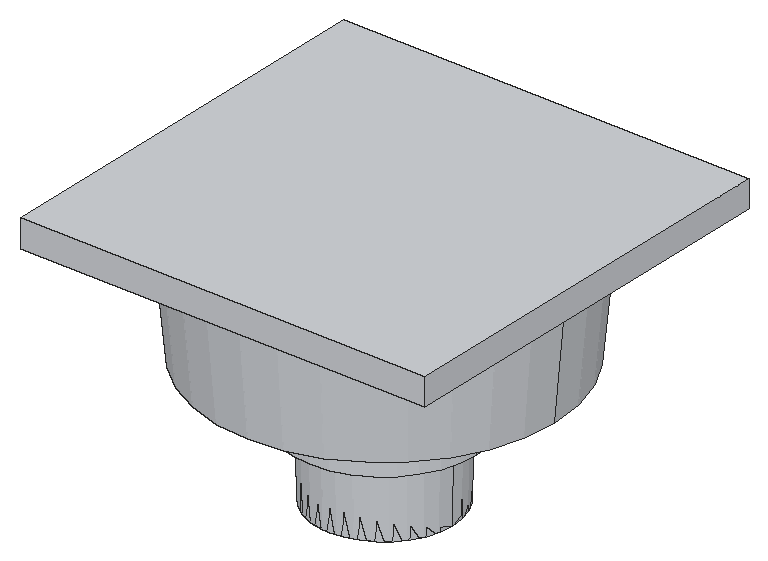
Revit family "ADSK_Трап_ПП_Вертикальный", category Сантехнические приборы, Revit 2019
Family settings
  Размер круглого соединителя = Использовать радиус
  Тип детали = Нормальный
  На основе рабочей плоскости = Нет
  Всегда вертикально = Да
  При загрузке вырезать с полостями = Нет
  Общий = Нет
  Точка расчета площади = Нет
Parameters (values of type "DN50")
  Условный радиус = ADSK_Диаметр условный / 2  # 25 mm
  УГО_Длина на схеме_2 [instance] = УГО_Длина на схеме_1 * 0.8  # 240.0 mm
  УГО_Длина на схеме_1 [instance] = 300.0 mm
  Подводящий раструб [instance] = yes
  УГО_Засечки_Угол на плане = 45.00°
  Наружный радиус = Наружный диаметр / 2  # 25 mm
  Наружный диаметр = if(ADSK_Диаметр условный = 50.0 mm, 50.0 mm, 110.0 mm)  # 50 mm
  Материал = Полипропилен
  УГО_Засечки_Длина на плане = 60.0 mm
  УГО_Длина на плане = Решетка_Наружный размер  # 148.0 mm
  Раструб_Диаметр выступа [instance] = if(ADSK_Диаметр условный = 50.0 mm, 64.0 mm, 128.0 mm)  # 64.0 mm
  Решетка_Внутренний размер = 140.0 mm
  Радиус_1 = 66.5 mm
  Радиус_2 = 62.5 mm
  Полная высота = 98.0 mm
  Подключение к холодной воде = no
  Подключение к сливной трубе = yes
  Подключение к горячей воде = no
  Подключение к вентиляции = no
  Решетка_Наружный размер = 148.0 mm
  Решетка_Выступ над УЧП = 0.5 mm
  Решетка_Высота = 10.0 mm
  Комментарии к типоразмеру = "Трап"
  Высота патрубка_Длина раструба = 47.0 mm
  ADSK_Расход канализационных стоков = 0.7 L/s
  ADSK_Наименование краткое = "Трап ПП, Д=50 мм"
  ADSK_Наименование = "Трап из полипропилена вертикальный с решеткой из нержавеющей стали 150х150 мм, DN50"
  ADSK_Масса_Текст = ""
  ADSK_Марка = ""
  ADSK_Количество = 1  # constant formula
  ADSK_Код изделия = ""
  ADSK_Завод-изготовитель = "Отечественное производство"
  ADSK_Единица измерения = "к-т"
  ADSK_Диаметр условный = 50 mm
  ADSK_Версия семейства = "1.0"  # constant formula
  ADSK_Версия Revit = "v2019"  # constant formula
Types (4, lengths in mm): name | Условный радиус | Наружный радиус | Наружный диаметр | Раструб_Диаметр выступа | Полная высота | Высота патрубка_Длина раструба | ADSK_Расход канализационных стоков | ADSK_Наименование краткое | ADSK_Наименование | ADSK_Диаметр условный
  DN50 | 25 | 25 | 50 | 64.0 | 98.0 | 47.0 | 0.7 L/s | "Трап ПП, Д=50 мм" | "Трап из полипропилена вертикальный с решеткой из нержавеющей стали 150х150 мм, DN50" | 50
  DN110_Сухой сифон | 55 | 55 | 110 | 128.0 | 102.0 | 57.0 | 2.1 L/s | "Трап ПП, Д=110 мм" | "Трап из полипропилена вертикальный с решеткой из нержавеющей стали 150х150 мм, \"сухим\" затвором, DN110" | 110
  DN110 | 55 | 55 | 110 | 128.0 | 102.0 | 57.0 | 2.1 L/s | "Трап ПП, Д=110 мм" | "Трап из полипропилена вертикальный с решеткой из нержавеющей стали 150х150 мм, DN110" | 110
  DN50_Сухой сифон | 25 | 25 | 50 | 64.0 | 98.0 | 47.0 | 0.7 L/s | "Трап ПП, Д=50 мм" | "Трап из полипропилена вертикальный с решеткой из нержавеющей стали 150х150 мм, \"сухим\" затвором, DN50" | 50
Reference planes
  plane 1 "По центру (Вперед/Назад)": y = 0
  plane 2: z = 0
  plane 3 "По центру (Влево/Вправо)": x = 0
  plane 4: x = -74
  plane 5: x = 74
  plane 6: y = 74
  plane 7: y = -74
  plane 8: z = -51
  plane 9 "Уровень подключения": z = -98
  plane 10 "Верх решетки": z = 0.5
  plane 11: z = -9.5
Forms (mm)
  Extrusion 1, solid, detail levels fine
    sketch origin (0, 0, 0) x (1, 0, 0) y (0, 1, 0)
      loop
        line (-74, 74) -> (-74, -74) -> (74, -74) -> (74, 74) -> (-74, 74)
    from -9.5 to 0.5
  Blend 2, solid, detail levels fine
    base sketch origin (0, 0, 0) x (1, 0, 0) y (0, 1, 0)
      loop
        circle (0, 0) r 66.5
    top sketch origin (0, 0, 0) x (1, 0, 0) y (0, 1, 0)
      loop
        circle (0, 0) r 62.5
    from -9.5 to -51
  Extrusion 3, solid, detail levels fine
    sketch origin (0, 0, 0) x (1, 0, 0) y (0, 1, 0)
      loop
        circle (0, 0) r 25
    from -51 to -98
Cuts and joins
  joined: Extrusion 1, Blend 2, Extrusion 3
Lines and regions (mm)
  model lines, style "Трап_Корпус", detail levels fine
    curve 1: line (-50.976, 14.899, 0.5) -> (-40.369, 4.293, 0.5)
    curve 2: arc (-50.976, 14.899, 0.5) -> (-50.976, 21.971, 0.5) -> (-43.905, 21.971, 0.5) r 5
    curve 3: line (-43.905, 21.971, 0.5) -> (-33.298, 11.364, 0.5)
    curve 4: arc (-40.369, 4.293, 0.5) -> (-33.298, 4.293, 0.5) -> (-33.298, 11.364, 0.5) r 5
    curve 5: arc (-36.697, 29.179, 0.5) -> (-36.697, 36.241, 0.5) -> (-29.634, 36.241, 0.5) r 4.994
    curve 6: line (-15.495, 7.976, 0.5) -> (-36.697, 29.179, 0.5)
    curve 7: line (-8.432, 15.039, 0.5) -> (-29.634, 36.241, 0.5)
    curve 8: arc (-15.495, 7.976, 0.5) -> (-8.432, 7.976, 0.5) -> (-8.432, 15.039, 0.5) r 4.994
    curve 9: arc (-22.426, 43.449, 0.5) -> (-22.426, 50.52, 0.5) -> (-15.355, 50.52, 0.5) r 5
    curve 10: arc (-11.82, 32.843, 0.5) -> (-4.748, 32.843, 0.5) -> (-4.748, 39.914, 0.5) r 5
    curve 11: line (-22.426, 43.449, 0.5) -> (-11.82, 32.843, 0.5)
    curve 12: line (-15.355, 50.52, 0.5) -> (-4.748, 39.914, 0.5)
    curve 13: line (-70, -70, 0.5) -> (-70, 70, 0.5)
    curve 14: line (-70, 70, 0.5) -> (70, 70, 0.5)
    curve 15: line (70, 70, 0.5) -> (70, -70, 0.5)
    curve 16: line (70, -70, 0.5) -> (-70, -70, 0.5)
    curve 17: line (14.899, 50.976, 0.5) -> (4.293, 40.369, 0.5)
    curve 18: arc (14.899, 50.976, 0.5) -> (21.971, 50.976, 0.5) -> (21.971, 43.905, 0.5) r 5
    curve 19: line (21.971, 43.905, 0.5) -> (11.364, 33.298, 0.5)
    curve 20: arc (4.293, 40.369, 0.5) -> (4.293, 33.298, 0.5) -> (11.364, 33.298, 0.5) r 5
    curve 21: arc (29.179, 36.697, 0.5) -> (36.241, 36.697, 0.5) -> (36.241, 29.634, 0.5) r 4.994
    curve 22: line (7.976, 15.495, 0.5) -> (29.179, 36.697, 0.5)
    curve 23: line (15.039, 8.432, 0.5) -> (36.241, 29.634, 0.5)
    curve 24: arc (7.976, 15.495, 0.5) -> (7.976, 8.432, 0.5) -> (15.039, 8.432, 0.5) r 4.994
    curve 25: arc (43.449, 22.426, 0.5) -> (50.52, 22.426, 0.5) -> (50.52, 15.355, 0.5) r 5
    curve 26: arc (32.843, 11.82, 0.5) -> (32.843, 4.748, 0.5) -> (39.914, 4.748, 0.5) r 5
    curve 27: line (43.449, 22.426, 0.5) -> (32.843, 11.82, 0.5)
    curve 28: line (50.52, 15.355, 0.5) -> (39.914, 4.748, 0.5)
    curve 29: line (-14.899, -50.976, 0.5) -> (-4.293, -40.369, 0.5)
    curve 30: arc (-14.899, -50.976, 0.5) -> (-21.971, -50.976, 0.5) -> (-21.971, -43.905, 0.5) r 5
    curve 31: line (-21.971, -43.905, 0.5) -> (-11.364, -33.298, 0.5)
    curve 32: arc (-4.293, -40.369, 0.5) -> (-4.293, -33.298, 0.5) -> (-11.364, -33.298, 0.5) r 5
    curve 33: arc (-29.179, -36.697, 0.5) -> (-36.241, -36.697, 0.5) -> (-36.241, -29.634, 0.5) r 4.994
    curve 34: line (-7.976, -15.495, 0.5) -> (-29.179, -36.697, 0.5)
    curve 35: line (-15.039, -8.432, 0.5) -> (-36.241, -29.634, 0.5)
    curve 36: arc (-7.976, -15.495, 0.5) -> (-7.976, -8.432, 0.5) -> (-15.039, -8.432, 0.5) r 4.994
    curve 37: arc (-43.449, -22.426, 0.5) -> (-50.52, -22.426, 0.5) -> (-50.52, -15.355, 0.5) r 5
    curve 38: arc (-32.843, -11.82, 0.5) -> (-32.843, -4.748, 0.5) -> (-39.914, -4.748, 0.5) r 5
    curve 39: line (-43.449, -22.426, 0.5) -> (-32.843, -11.82, 0.5)
    curve 40: line (-50.52, -15.355, 0.5) -> (-39.914, -4.748, 0.5)
    curve 41: line (50.976, -14.899, 0.5) -> (40.369, -4.293, 0.5)
    curve 42: arc (50.976, -14.899, 0.5) -> (50.976, -21.971, 0.5) -> (43.905, -21.971, 0.5) r 5
    curve 43: line (43.905, -21.971, 0.5) -> (33.298, -11.364, 0.5)
    curve 44: arc (40.369, -4.293, 0.5) -> (33.298, -4.293, 0.5) -> (33.298, -11.364, 0.5) r 5
    curve 45: arc (36.697, -29.179, 0.5) -> (36.697, -36.241, 0.5) -> (29.634, -36.241, 0.5) r 4.994
    curve 46: line (15.495, -7.976, 0.5) -> (36.697, -29.179, 0.5)
    curve 47: line (8.432, -15.039, 0.5) -> (29.634, -36.241, 0.5)
    curve 48: arc (15.495, -7.976, 0.5) -> (8.432, -7.976, 0.5) -> (8.432, -15.039, 0.5) r 4.994
    curve 49: arc (22.426, -43.449, 0.5) -> (22.426, -50.52, 0.5) -> (15.355, -50.52, 0.5) r 5
    curve 50: arc (11.82, -32.843, 0.5) -> (4.748, -32.843, 0.5) -> (4.748, -39.914, 0.5) r 5
    curve 51: line (22.426, -43.449, 0.5) -> (11.82, -32.843, 0.5)
    curve 52: line (15.355, -50.52, 0.5) -> (4.748, -39.914, 0.5)
  symbolic lines, style "Трап_УГО", detail levels coarse+medium
    curve 53: line (-74, 74, 0.5) -> (-74, -74, 0.5)
    curve 54: line (-74, -74, 0.5) -> (74, -74, 0.5)
    curve 55: line (74, -74, 0.5) -> (74, 74, 0.5)
    curve 56: line (74, 74, 0.5) -> (-74, 74, 0.5)
    curve 57: line (74, 74, 0.5) -> (116.426, 116.426, 0.5)
    curve 58: line (-74, 74, 0.5) -> (-116.426, 116.426, 0.5)
    curve 59: line (-74, -74, 0.5) -> (-116.426, -116.426, 0.5)
    curve 60: line (74, -74, 0.5) -> (116.426, -116.426, 0.5)
  model lines, style "Трап_УГО", detail levels coarse+medium
    curve 61: line (-120, 0, -51) -> (120, 0, -51)
    curve 62: line (-150, 0, 0.5) -> (150, 0, 0.5)
    curve 63: line (-150, 0, 0.5) -> (-120, 0, -51)
    curve 64: line (120, 0, -51) -> (150, 0, 0.5)
    curve 65: line (0, 0, -51) -> (0, 0, -98)
  model lines, style "Раструб_Засечки", visible <- "Подводящий раструб", detail levels coarse+medium
    curve 66: line (-32, 0, -71.7) -> (32, 0, -71.7)
Dimensions and locks
  equal spacing: plane 4, plane 3 "По центру (Влево/Вправо)", plane 5
  "Решетка_Наружный размер": plane 4 to plane 5
  equal spacing: plane 6, plane 1 "По центру (Вперед/Назад)", plane 7
  "Решетка_Наружный размер": plane 6 to plane 7
  "Высота патрубка_Длина раструба": plane 8 to plane 9 "Уровень подключения"
  "Решетка_Выступ над УЧП": plane 10 "Верх решетки" to level
  "Решетка_Высота": plane 10 "Верх решетки" to plane 11
  equal spacing: curve 16, plane 1 "По центру (Вперед/Назад)", curve 14
  "Решетка_Внутренний размер": curve 16 to curve 14
  equal spacing: curve 13, plane 3 "По центру (Влево/Вправо)", curve 15
  "Решетка_Внутренний размер": curve 13 to curve 15
  equal spacing: curve 56, plane 1 "По центру (Вперед/Назад)", curve 54
  "УГО_Длина на плане": curve 56 to curve 54
  equal spacing: curve 53, plane 3 "По центру (Влево/Вправо)", curve 55
  "УГО_Длина на плане": curve 53 to curve 55
  "УГО_Засечки_Длина на плане": curve 57 to curve 57
  "УГО_Засечки_Длина на плане": curve 58 to curve 58
  "УГО_Засечки_Длина на плане": curve 59 to curve 59
  "УГО_Засечки_Длина на плане": curve 60 to curve 60
  equal spacing: curve 61, plane 3 "По центру (Влево/Вправо)", curve 61
  "УГО_Длина на схеме_1": curve 62 to curve 62
  equal spacing: curve 62, plane 3 "По центру (Влево/Вправо)", curve 62
  "Полная высота": level to plane 9 "Уровень подключения"
  equal spacing: curve 66, plane 3 "По центру (Влево/Вправо)", curve 66
  "Раструб_Диаметр выступа": curve 66 to curve 66
  "УГО_Длина на схеме_2": curve 61 to curve 61
  "Радиус_1": radius of Blend 2 sketch curve
  "Радиус_2": radius of Blend 2 sketch curve
  "Наружный радиус": radius of Extrusion 3 sketch curve
  "УГО_Засечки_Угол на плане": angle plane 6 to curve 57
  "УГО_Засечки_Угол на плане": angle plane 4 to curve 58
  "УГО_Засечки_Угол на плане": angle plane 7 to curve 59
  "УГО_Засечки_Угол на плане": angle plane 5 to curve 60
  aligned and locked: level to plane 2
  aligned and locked: Extrusion 1 sketch curve to plane 6
  aligned and locked: plane 4 to Extrusion 1 sketch curve
  aligned and locked: plane 7 to Extrusion 1 sketch curve
  aligned and locked: Extrusion 1 sketch curve to plane 5
  aligned and locked: Extrusion 1 to plane 11
  aligned and locked: plane 10 "Верх решетки" to Extrusion 1
  aligned and locked: plane 1 "По центру (Вперед/Назад)" to Blend 2 sketch curve  (x2)
  aligned and locked: plane 3 "По центру (Влево/Вправо)" to Blend 2 sketch curve  (x2)
  aligned and locked: Blend 2 to plane 11
  aligned and locked: Blend 2 to plane 8
  aligned and locked: plane 1 "По центру (Вперед/Назад)" to Extrusion 3 sketch curve
  aligned and locked: plane 3 "По центру (Влево/Вправо)" to Extrusion 3 sketch curve
  aligned and locked: Extrusion 3 to plane 8
  aligned and locked: Extrusion 3 to plane 9 "Уровень подключения"
  aligned and locked: curve 62 to plane 10 "Верх решетки"
  aligned and locked: plane 9 "Уровень подключения" to curve 65
  aligned and locked: curve 65 to plane 3 "По центру (Влево/Вправо)"
  aligned and locked: curve 61 to curve 65
  aligned and locked: nested 1 to plane 9 "Уровень подключения"
  aligned and locked: plane 1 "По центру (Вперед/Назад)" to nested 1
  aligned and locked: plane 3 "По центру (Влево/Вправо)" to nested 1
  aligned and locked: nested 1 to curve 66
Automatic sketch dimensions
  curve 61 to plane 8 = 0.0 mm
Nested families
  nested 1: "Раструб" at (0, 0, -98), visible <- "Подводящий раструб", type "Полимер"
    with Условный радиус 25 mm, Условный диаметр 50 mm, Радиус 25.5 mm, Выступ_Радиус 32.0 mm, Наружный радиус 25.0 mm, Наружный диаметр 50.0 mm, Длина 46.3 mm, Диаметр 51.0 mm, Выступ_Диаметр 64.0 mm
Connectors
  piping at (0, 0, -98), diameter 50, driven by "Условный радиус", driven by "Подключение к сливной трубе", driven by "ADSK_Расход канализационных стоков"
    settings: on cut or joined group of Extrusion 1, Blend 2, Extrusion 3, index 1, connector inside diameter 50 mm, connector length 0.0 mm, flow factor 0, pipe flow 0.7 L/s, pressure drop 0.0 Pa, fitting loss kfactor 0, connector angle 0.00°, fixture units 0, engagement length 0.0 mm, angle of deflection 0.00°, flow configuration 1, flow direction 2, fitting loss method 0, system type 16, joint type 0, gender type 0, connector reference index -1, connector utility 1, adjustable connector no, is connector primary yes, connector description ""
Definition of nested family "Раструб"
  Parameters (values of type "Полимер")
    в = 10.0 mm
    Условный радиус = Условный диаметр / 2  # 50 mm
    Условный диаметр = 100 mm
    Угол_ВР = 90.00°
    Радиус = Диаметр / 2  # 55.5 mm
    Выступ_Радиус = Выступ_Диаметр / 2  # 64.0 mm
    CW Connection = no
    Waste Connection = no
    HW Connection = no
    Vent Connection = no
    Default Elevation = 0.0 mm
    Наружный радиус = Наружный диаметр / 2  # 55.0 mm
    Наружный диаметр = if(Условный диаметр = 50.0 mm, 50.0 mm, 110.0 mm)  # 110.0 mm
    Длина = if(Условный диаметр = 50.0 mm, 46.3 mm, 55.6 mm)  # 55.6 mm
    Диаметр = Наружный диаметр + 1.0 mm  # 111.0 mm
    Выступ_Диаметр = if(Условный диаметр = 50.0 mm, 64.0 mm, 128.0 mm)  # 128.0 mm
    c = 8.5 mm
  Reference planes
    plane 1 "По центру (Вперед/Назад)": y = 0
    plane 2: z = 0
    plane 3 "По центру (Влево/Вправо)": x = 0
    plane 4: z = 55.6
  Forms (mm)
    Revolve 1, solid, detail levels fine
      sketch origin (0, 0, 0) x (1, 0, 0) y (0, 0, 1)
        loop
          line (0, 0) -> (0, 55.6) -> (-55.5, 55.6) -> (-55.5, 45.6) -> (-64, 45.6) -> (-64, 35.6) -> (-55.5, 35.6) -> (-55, 0) -> (0, 0)
        axis (0, 55.6) -> (0, 0)
      angle from 0 to 360
  Dimensions and locks
    "Длина": plane 4 to level
    "Наружный радиус": Revolve 1 sketch curve to Revolve 1 sketch curve
    "Радиус": Revolve 1 sketch curve to Revolve 1 sketch curve
    "в": Revolve 1 sketch curve to Revolve 1 sketch curve  (x2)
    "c": Revolve 1 sketch curve to Revolve 1 sketch curve  (x2)
    "Угол_ВР": angle Revolve 1 sketch curve to plane 4
    "Угол_ВР": angle Revolve 1 sketch curve to Revolve 1 sketch curve  (x3)
    aligned and locked: level to plane 2
    aligned and locked: plane 3 "По центру (Влево/Вправо)" to Revolve 1 sketch curve
    aligned and locked: level to Revolve 1 sketch curve
    aligned and locked: plane 4 to Revolve 1 sketch curve
    aligned and locked: Revolve 1 sketch curve to plane 3 "По центру (Влево/Вправо)"
  Automatic sketch dimensions
    Revolve 1 sketch curve to level = 366.045 mm
    Revolve 1 sketch curve to Revolve 1 sketch curve = 2158.715 mm
